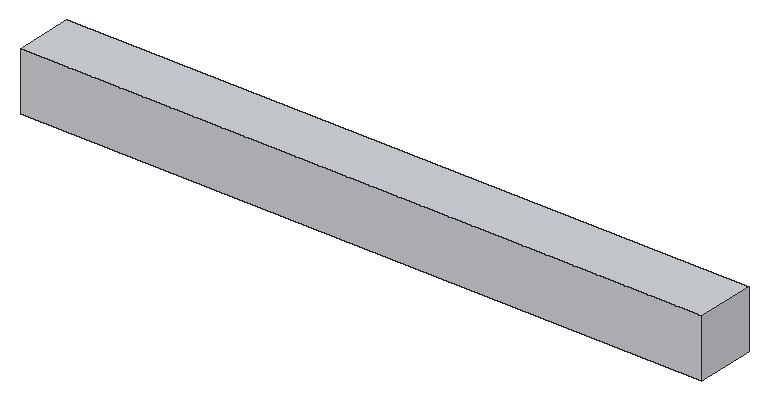
Revit family "LANH TO", category Generic Models, Revit 2025
Family settings
  Can host rebar = No
  Round Connector Dimension = Use Diameter
  Part Type = Normal
  Work Plane-Based = No
  Always vertical = Yes
  Cut with Voids When Loaded = No
  Maintain Annotation Orientation = No
  Shared = No
  Room Calculation Point = No
Parameters
  VATLIEU [instance] = none
  L [instance] = 3000 mm
  H [instance] = 300 mm
  Default Elevation = 0 mm
  B [instance] = 300 mm
Reference planes
  plane 1 "Center (Front/Back)": y = 0
  plane 2: z = 0
  plane 3 "Center (Left/Right)": x = 0
  plane 4: x = -1500
  plane 5: x = 1500
  plane 6: z = 150
  plane 7: z = -150
  plane 8: y = 150
  plane 9: y = -150
  plane 10: x = -1750
  plane 11: x = 1750
Forms (mm)
  Sweep 1, solid, material <- "VATLIEU"
    path origin (0, 0, 0) x (1, 0, 0) y (0, 0, 1)
      loop
        line (-1750, 0) -> (-1500, 0) -> (1500, 0) -> (1750, 0)
    profile origin (0, 0, 0) x (0, 0, 1) y (0, -1, 0)
      loop
        line (150, -150) -> (150, 150) -> (-150, 150) -> (-150, -150) -> (150, -150)
Dimensions and locks
  equal spacing: plane 5, plane 3 "Center (Left/Right)", plane 4
  "L": plane 5 to plane 4
  equal spacing: plane 6, level, plane 7
  equal spacing: plane 8, plane 1 "Center (Front/Back)", plane 9
  "H": plane 6 to plane 7
  "B": plane 8 to plane 9
  plane 4 to plane 10 = 250 mm
  plane 11 to plane 5 = 250 mm
  aligned and locked: level to plane 2
  aligned and locked: plane 6 to Sweep 1 sketch curve
  aligned and locked: Sweep 1 sketch curve to plane 8
  aligned and locked: Sweep 1 sketch curve to plane 7
  aligned and locked: plane 9 to Sweep 1 sketch curve
  aligned and locked: plane 4 to Sweep 1 sketch curve
  aligned and locked: plane 10 to Sweep 1 sketch curve
  aligned and locked: plane 5 to Sweep 1 sketch curve
  aligned and locked: plane 11 to Sweep 1 sketch curve
Automatic sketch dimensions
  Sweep 1 sketch curve to level = 0 mm
